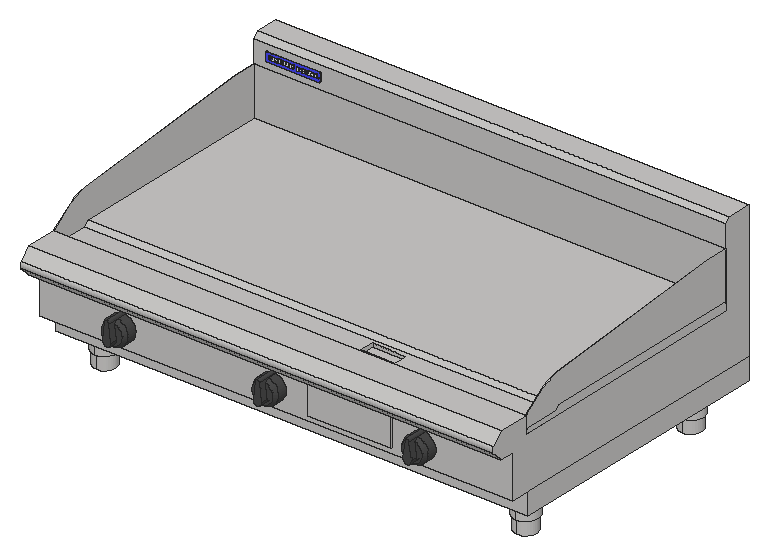
Revit family "QF_MOFFAT_BLUESEAL_CE_EP518-B", category Specialty Equipment, Revit 2012
Parameters
  Width [instance] = 1200 mm  # constant formula
  Weight in Pounds = 294  # constant formula
  Watts = 18000 W
  Volts = 400 V
  URL Cutsheet = "www.moffat.com"
  URL = "www.moffat.com"
  Type Mark [instance] = ""
  Status [instance] = ""
  Specification by User [instance] = ""
  Specification by Manufacturer = ""
  Show Logo [instance] = yes
  Serial Number = ""
  Seismic Rating = ""
  SMACNA No = ""
  Revision Code [instance] = ""
  Phase = 3
  Omniclass Number and Title = ""
  Number of Poles = 1
  NAFEM Spec ID Number = ""
  Model = "EP518-B"
  Min Ckt Ampacity = 0 A
  Max Overcurrent Protection = 0 A
  Masterspec = ""
  Manufacturer = "MOFFAT BLUESEAL"
  Item Number [instance] = ""
  Installed By [instance] = ""
  Identify Quantity as Lot [instance] = yes
  Height [instance] = 370 mm  # constant formula
  HP = ""
  Furnished By [instance] = ""
  Foodservice Equipment Identifier [instance] = yes
  FL Amps = 25 A
  Electrical Remarks [instance] = "25A PER PHASE"
  Elec Conn RI Height = 0 mm
  Elec Conn Connection Height = 0 mm
  Description = "1200MM ELECTRIC GRIDDLE PLATE BENCH MOUNT"
  Depth [instance] = 812 mm  # constant formula
  Cycle = 50 Hz
  Conn Plug = ""
  Conn Conduit = yes
  CSI MasterFormat = ""
  CSI Master Format = ""
  Base Height [instance] = 85 mm
  Apparent Power = if(Phase = 3, Volts * FL Amps * 1.73, Volts * FL Amps)  # 17300 VA
Reference planes
  plane 1 "BACK": y = 0
  plane 2: z = 0
  plane 3 "LEFT": x = 0
  plane 4 "RIGHT": x = 1200
  plane 5 "FRONT": y = -812
  plane 6 "TOP": z = 375
  plane 7 "Center Y": x = 600
  plane 8 "Center X": y = -406
  plane 9 "Base Height": z = 85
  plane 10: z = 485
  plane 11: y = -100
  plane 12: y = -625
  plane 13: x = 65.5
  plane 14: x = 1134.5
Forms (mm)
  Extrusion 1, solid, material "QF_Finishes_Stainless Steel"
    sketch origin (0, 0, 0) x (0, 1, 0) y (0, 0, 1)
      loop
        line (0, 140) -> (0, 485) -> (-57.5, 485) -> (-70, 472.5) -> (-70, 275) -> (-705, 275) -> (-705, 315) -> (-783.97, 315) -> (-808.485, 290.485)
        arc (-808.485, 290.485) -> (-811.999, 282) -> (-808.485, 273.515) r 12
        line (-808.485, 273.515) -> (-784.97, 250) -> (-749, 250) -> (-749, 140) -> (0, 140)
      loop
        line (0, 85) -> (0, 139) -> (-699, 139) -> (-699, 85) -> (0, 85)
    from 0 to 1200
  Revolve 2, solid, material "QF_Finishes_Stainless Steel"
    sketch origin (65.5, -210, 0) x (0, 1, 0) y (0, 0, 1)
      loop
        line (78.25, 85) -> (78.25, 35) -> (82.5, 35) -> (82.5, 0) -> (110, 0) -> (110, 85) -> (78.25, 85)
      axis (110, 85) -> (110, 0)
    angle from 0 to 360
  Extrusion 3, void
    sketch origin (0, -706, 134.206) x (0, 1, 0) y (-1, 0, 0)
      loop
        circle (674, -1070) r 13.5
    from 0 to -86.704
  Revolve 4, solid, material "QF_Finishes_Black"
    sketch origin (217.606, 7, -7.199) x (0, 1, 0) y (0, 0, -1)
      loop
        line (-789, -234.5) -> (-766, -234.5) -> (-766, -207) -> (-756, -207) -> (-756, -202) -> (-800, -202) -> (-800, -228.651) -> (-789, -234.5)
      axis (-800, -202) -> (-756, -202)
    angle from 0 to 360
  Extrusion 5, solid, material "QF_Finishes_Black"
    sketch origin (55.875, 0, -7.042) x (-1, 0, 0) y (0, 0, -1)
      loop
        line (-172.044, -191.036) -> (-166.624, -233.955)
        arc (-166.624, -233.955) -> (-161.625, -238.842) -> (-156.626, -233.955) r 5
        line (-156.626, -233.955) -> (-151.137, -189.869)
        arc (-151.137, -189.869) -> (-162.209, -179.37) -> (-172.044, -191.036) r 10.487
    from 759 to 808
  Revolve 6, solid, material "QF_Finishes_Stainless Steel"
    sketch origin (65.5, -728, 0) x (0, 1, 0) y (0, 0, 1)
      loop
        line (71.25, 85) -> (71.25, 35) -> (75.5, 35) -> (75.5, 0) -> (103, 0) -> (103, 85) -> (71.25, 85)
      axis (103, 85) -> (103, 0)
    angle from 0 to 360
  Extrusion 7, solid, material "QF_Finishes_Stainless Steel"
    sketch origin (0, -749, 266) x (0, 0, -1) y (1, 0, 0)
      loop
        line (25.201, 683) -> (112.1, 683) -> (112.1, 893) -> (25.201, 893) -> (25.201, 683)
    from 0 to 2.5
  Extrusion 8, solid, material "QF_Finishes_Stainless Steel"
    sketch origin (0, -751.5, 266) x (0, 0, -1) y (1, 0, 0)
      loop
        line (32.201, 893) -> (25.201, 893) -> (25.201, 683) -> (32.201, 683) -> (32.201, 893)
    from 0 to 5
  Extrusion 9, solid, material "QF_Finishes_Stainless Steel"
    sketch origin (0, -706, 134.206) x (0, 1, 0) y (-1, 0, 0)
      loop
        circle (673.862, -1069.75) r 6.35
    from 0 to -24.206
  Revolve 10, solid, material "QF_Finishes_Black"
    sketch origin (600, 7, -7.2) x (0, 1, 0) y (0, 0, -1)
      loop
        line (-789, -234.5) -> (-766, -234.5) -> (-766, -207) -> (-756, -207) -> (-756, -202) -> (-800, -202) -> (-800, -228.651) -> (-789, -234.5)
      axis (-800, -202) -> (-756, -202)
    angle from 0 to 360
  Extrusion 11, solid, material "QF_Finishes_Black"
    sketch origin (288.273, 0, -7.042) x (-1, 0, 0) y (0, 0, -1)
      loop
        line (-322.044, -191.036) -> (-316.624, -233.955)
        arc (-316.624, -233.955) -> (-311.625, -238.842) -> (-306.626, -233.955) r 5
        line (-306.626, -233.955) -> (-301.137, -189.869)
        arc (-301.137, -189.869) -> (-312.209, -179.37) -> (-322.044, -191.036) r 10.487
    from 759 to 808
  Revolve 12, solid, material "QF_Finishes_Stainless Steel"
    sketch origin (1134.5, -210, 0) x (0, 1, 0) y (0, 0, -1)
      loop
        line (78.25, -85) -> (110, -85) -> (110, 0) -> (82.5, 0) -> (82.5, -35) -> (78.25, -35) -> (78.25, -85)
      axis (110, -85) -> (110, 0)
    angle from 0 to 360
  Revolve 13, solid, material "QF_Finishes_Stainless Steel"
    sketch origin (1134.5, -728, 0) x (0, 1, 0) y (0, 0, -1)
      loop
        line (71.25, -85) -> (103, -85) -> (103, 0) -> (75.5, 0) -> (75.5, -35) -> (71.25, -35) -> (71.25, -85)
      axis (103, -85) -> (103, 0)
    angle from 0 to 360
  Revolve 14, solid, material "QF_Finishes_Black"
    sketch origin (980.116, 7, -7.2) x (0, 1, 0) y (0, 0, -1)
      loop
        line (-789, -234.5) -> (-766, -234.5) -> (-766, -207) -> (-756, -207) -> (-756, -202) -> (-800, -202) -> (-800, -228.651) -> (-789, -234.5)
      axis (-800, -202) -> (-756, -202)
    angle from 0 to 360
  Extrusion 15, solid, material "QF_Finishes_Black"
    sketch origin (668.389, 0, -7.042) x (-1, 0, 0) y (0, 0, -1)
      loop
        line (-322.044, -191.036) -> (-316.624, -233.955)
        arc (-316.624, -233.955) -> (-311.625, -238.842) -> (-306.626, -233.955) r 5
        line (-306.626, -233.955) -> (-301.137, -189.869)
        arc (-301.137, -189.869) -> (-312.209, -179.37) -> (-322.044, -191.036) r 10.487
    from 759 to 808
Cuts and joins
  joined: Revolve 4, Extrusion 5
  joined: Extrusion 7, Extrusion 8
  Extrusion 3 cuts Extrusion 1
Lines and regions (mm)
  Split face 1
    outline origin (1200, -749, 250) x (-1, 0, 0) y (0, 0, -1)
      loop
        circle (937.495, 45.2) r 7.15
  Split face 2
    outline origin (1200, -749, 250) x (-1, 0, 0) y (0, 0, -1)
      loop
        circle (937.495, 25.2) r 7.15
  Split face 3
    outline origin (495, -751.5, 153.9) x (1, 0, 0) y (0, 0, 1)
      loop
        arc (286, 77) -> (282, 73) -> (286, 69) r 4
        line (286, 69) -> (300, 69)
        arc (300, 69) -> (304, 73) -> (300, 77) r 4
        line (300, 77) -> (286, 77)
  Split face 4
    outline origin (1200, 0, 485) x (-1, 0, 0) y (0, -1, 0)
      loop
        arc (924, 45.385) -> (915.34, 40.385) -> (915.34, 30.385) r 10
        line (915.34, 30.385) -> (919.381, 23.385)
        arc (919.381, 23.385) -> (923.041, 19.725) -> (928.041, 18.385) r 10
        line (928.041, 18.385) -> (1156, 18.385)
        arc (1156, 18.385) -> (1164.66, 23.385) -> (1164.66, 33.385) r 10
        line (1164.66, 33.385) -> (1160.619, 40.385)
        arc (1160.619, 40.385) -> (1156.959, 44.045) -> (1151.959, 45.385) r 10
        line (1151.959, 45.385) -> (924, 45.385)
  Split face 5
    outline origin (1200, 0, 485) x (-1, 0, 0) y (0, -1, 0)
      loop
        arc (266, 18.385) -> (274.66, 23.385) -> (274.66, 33.385) r 10
        line (274.66, 33.385) -> (270.619, 40.385)
        arc (270.619, 40.385) -> (266.959, 44.045) -> (261.959, 45.385) r 10
        line (261.959, 45.385) -> (34, 45.385)
        arc (34, 45.385) -> (25.34, 40.385) -> (25.34, 30.385) r 10
        line (25.34, 30.385) -> (29.381, 23.385)
        arc (29.381, 23.385) -> (33.041, 19.725) -> (38.041, 18.385) r 10
        line (38.041, 18.385) -> (266, 18.385)
  Split face 6
    outline origin (1200, -749, 250) x (-1, 0, 0) y (0, 0, -1)
      loop
        circle (174.879, 45.2) r 7.15
  Split face 7
    outline origin (1200, -749, 250) x (-1, 0, 0) y (0, 0, -1)
      loop
        circle (174.879, 25.2) r 7.15
  Split face 8
    outline origin (1200, 0, 485) x (-1, 0, 0) y (0, -1, 0)
      loop
        line (636.021, 18.385) -> (863.979, 18.385)
        arc (863.979, 18.385) -> (872.64, 23.385) -> (872.64, 33.385) r 10
        line (872.64, 33.385) -> (868.598, 40.385)
        arc (868.598, 40.385) -> (864.938, 44.045) -> (859.938, 45.385) r 10
        line (859.938, 45.385) -> (631.979, 45.385)
        arc (631.979, 45.385) -> (623.319, 40.385) -> (623.319, 30.385) r 10
        line (623.319, 30.385) -> (627.36, 23.385)
        arc (627.36, 23.385) -> (631.021, 19.725) -> (636.021, 18.385) r 10
  Split face 9
    outline origin (1200, -749, 250) x (-1, 0, 0) y (0, 0, -1)
      loop
        circle (554.995, 25.2) r 7.15
  Split face 10
    outline origin (1200, -749, 250) x (-1, 0, 0) y (0, 0, -1)
      loop
        circle (554.995, 45.2) r 7.15
  Split face 11
    outline origin (1200, 0, 485) x (-1, 0, 0) y (0, -1, 0)
      loop
        arc (566, 18.385) -> (574.66, 23.385) -> (574.66, 33.385) r 10
        line (574.66, 33.385) -> (570.619, 40.385)
        arc (570.619, 40.385) -> (566.959, 44.045) -> (561.959, 45.385) r 10
        line (561.959, 45.385) -> (334, 45.385)
        arc (334, 45.385) -> (325.34, 40.385) -> (325.34, 30.385) r 10
        line (325.34, 30.385) -> (329.381, 23.385)
        arc (329.381, 23.385) -> (333.041, 19.725) -> (338.041, 18.385) r 10
        line (338.041, 18.385) -> (566, 18.385)
  symbolic lines
    curve 1: line (0, -812, 0) -> (1200, -812, 0)
    curve 2: line (0, 0, 0) -> (0, -812, 0)
    curve 3: line (1200, 0, 0) -> (0, 0, 0)
    curve 4: line (0, -70, 0) -> (1200, -70, 0)
    curve 5: line (1200, -712, 0) -> (0, -712, 0)
    curve 6: line (1200, -812, 0) -> (1200, 0, 0)
    curve 7: line (0, -57.5, 0) -> (1200, -57.5, 0)
    curve 8: line (276, -45.385, 0) -> (48.041, -45.385, 0)
    curve 9: arc (48.041, -45.385, 0) -> (43.041, -44.045, 0) -> (39.381, -40.385, 0) r 10
    curve 10: line (39.381, -40.385, 0) -> (35.34, -33.385, 0)
    curve 11: arc (35.34, -33.385, 0) -> (35.34, -23.385, 0) -> (44, -18.385, 0) r 10
    curve 12: line (44, -18.385, 0) -> (271.959, -18.385, 0)
    curve 13: arc (271.959, -18.385, 0) -> (276.959, -19.725, 0) -> (280.619, -23.385, 0) r 10
    curve 14: line (280.619, -23.385, 0) -> (284.66, -30.385, 0)
    curve 15: arc (284.66, -30.385, 0) -> (284.66, -40.385, 0) -> (276, -45.385, 0) r 10
    curve 16: line (568.021, -45.385, 0) -> (340.062, -45.385, 0)
    curve 17: arc (340.062, -45.385, 0) -> (335.062, -44.045, 0) -> (331.402, -40.385, 0) r 10
    curve 18: line (331.402, -40.385, 0) -> (327.36, -33.385, 0)
    curve 19: arc (327.36, -33.385, 0) -> (327.36, -23.385, 0) -> (336.021, -18.385, 0) r 10
    curve 20: line (336.021, -18.385, 0) -> (563.979, -18.385, 0)
    curve 21: arc (563.979, -18.385, 0) -> (568.979, -19.725, 0) -> (572.64, -23.385, 0) r 10
    curve 22: line (572.64, -23.385, 0) -> (576.681, -30.385, 0)
    curve 23: arc (576.681, -30.385, 0) -> (576.681, -40.385, 0) -> (568.021, -45.385, 0) r 10
    curve 24: line (866, -45.385, 0) -> (638.041, -45.385, 0)
    curve 25: arc (638.041, -45.385, 0) -> (633.041, -44.045, 0) -> (629.381, -40.385, 0) r 10
    curve 26: line (629.381, -40.385, 0) -> (625.34, -33.385, 0)
    curve 27: arc (625.34, -33.385, 0) -> (625.34, -23.385, 0) -> (634, -18.385, 0) r 10
    curve 28: line (634, -18.385, 0) -> (861.959, -18.385, 0)
    curve 29: arc (861.959, -18.385, 0) -> (866.959, -19.725, 0) -> (870.619, -23.385, 0) r 10
    curve 30: line (870.619, -23.385, 0) -> (874.66, -30.385, 0)
    curve 31: arc (874.66, -30.385, 0) -> (874.66, -40.385, 0) -> (866, -45.385, 0) r 10
    curve 32: line (0, -783.97, 0) -> (1200, -783.97, 0)
    curve 33: line (934, -18.385, 0) -> (1161.959, -18.385, 0)
    curve 34: arc (1161.959, -18.385, 0) -> (1166.959, -19.725, 0) -> (1170.619, -23.385, 0) r 10
    curve 35: line (1170.619, -23.385, 0) -> (1174.66, -30.385, 0)
    curve 36: arc (1174.66, -30.385, 0) -> (1174.66, -40.385, 0) -> (1166, -45.385, 0) r 10
    curve 37: line (1166, -45.385, 0) -> (938.041, -45.385, 0)
    curve 38: arc (938.041, -45.385, 0) -> (933.041, -44.045, 0) -> (929.381, -40.385, 0) r 10
    curve 39: line (929.381, -40.385, 0) -> (925.34, -33.385, 0)
    curve 40: arc (925.34, -33.385, 0) -> (925.34, -23.385, 0) -> (934, -18.385, 0) r 10
Dimensions and locks
  equal spacing: plane 3 "LEFT", plane 7 "Center Y", plane 4 "RIGHT"
  "Width": plane 3 "LEFT" to plane 4 "RIGHT"
  equal spacing: plane 5 "FRONT", plane 8 "Center X", plane 1 "BACK"
  "Depth": plane 5 "FRONT" to plane 1 "BACK"
  "Base Height": plane 9 "Base Height" to level
  locked: plane 6 "TOP" to plane 9 "Base Height" at 290
  plane 6 "TOP" to level = 375 mm
  plane 10 to plane 2 = 485 mm  (x2)
  aligned and locked: level to plane 2
  aligned and locked: Revolve 2 sketch curve to plane 9 "Base Height"
Automatic sketch dimensions
  curve 1 to plane 3 "LEFT" = 0 mm
  plane 1 "BACK" to curve 3 = 0 mm
  curve 3 to plane 4 "RIGHT" = 0 mm
  plane 5 "FRONT" to curve 1 = 0 mm
  curve 10 to plane 13 = 30.16 mm
  curve 10 to curve 10 = 4.041 mm
  curve 10 to curve 12 = 8.66 mm
  curve 10 to curve 8 = 8.66 mm
  plane 1 "BACK" to curve 13 = 18.385 mm
  plane 13 to curve 13 = 206.459 mm
  curve 13 to curve 15 = 4.041 mm
  plane 1 "BACK" to curve 14 = 23.385 mm
  curve 13 to curve 14 = 8.66 mm
  plane 1 "BACK" to curve 14 = 30.385 mm
  curve 13 to curve 14 = 4.041 mm
  curve 15 to curve 19 = 42.7 mm
  plane 1 "BACK" to curve 18 = 40.385 mm
  curve 18 to curve 18 = 4.041 mm
  curve 18 to curve 20 = 8.66 mm
  curve 19 to curve 17 = 4.041 mm
  plane 1 "BACK" to curve 21 = 18.385 mm
  curve 21 to plane 7 "Center Y" = 36.021 mm
  curve 21 to curve 23 = 4.041 mm
  plane 1 "BACK" to curve 22 = 23.385 mm
  curve 21 to curve 22 = 8.66 mm
  curve 21 to curve 22 = 4.041 mm
  plane 7 "Center Y" to curve 26 = 25.34 mm
  curve 26 to curve 25 = 4.041 mm
  curve 27 to curve 27 = 8.66 mm
  curve 27 to curve 25 = 4.041 mm
  plane 1 "BACK" to curve 29 = 18.385 mm
  curve 25 to curve 29 = 223.917 mm
  curve 29 to curve 24 = 4.041 mm
  plane 1 "BACK" to curve 30 = 23.385 mm
  curve 29 to curve 30 = 8.66 mm
  plane 1 "BACK" to curve 30 = 30.385 mm
  curve 30 to curve 30 = 4.041 mm
  curve 32 to plane 5 "FRONT" = 28.03 mm
  curve 32 to curve 5 = 71.97 mm
  plane 11 to curve 4 = 30 mm
  curve 4 to curve 7 = 12.5 mm
  curve 16 to curve 21 = 17 mm
  curve 31 to curve 30 = 15 mm
  curve 8 to curve 15 = 15 mm
  curve 8 to curve 10 = 5 mm
  curve 24 to curve 25 = 5 mm
  curve 23 to curve 21 = 7 mm
  curve 9 to curve 10 = 7 mm
  curve 26 to curve 26 = 7 mm
  curve 17 to curve 18 = 7 mm
  Extrusion 1 sketch curve to plane 9 "Base Height" = 0 mm
  Extrusion 1 sketch curve to plane 10 = 0 mm
  Extrusion 1 sketch curve to plane 1 "BACK" = 0 mm  (x2)
  plane 11 to Extrusion 1 sketch curve = 42.5 mm
  Extrusion 1 sketch curve to Extrusion 1 sketch curve = 12.5 mm
  Extrusion 1 sketch curve to plane 12 = 74 mm
  Extrusion 1 sketch curve to plane 12 = 80 mm
  Extrusion 1 sketch curve to Extrusion 1 sketch curve = 50 mm
  Extrusion 1 sketch curve to plane 5 "FRONT" = 28.03 mm
  Extrusion 1 sketch curve to plane 5 "FRONT" = 27.03 mm
  Extrusion 1 sketch curve to plane 5 "FRONT" = 12.001 mm
  Extrusion 1 sketch curve to plane 5 "FRONT" = 3.515 mm  (x2)
  plane 9 "Base Height" to Extrusion 1 sketch curve = 54 mm
  Extrusion 1 sketch curve to Extrusion 1 sketch curve = 1 mm
  Extrusion 1 sketch curve to Extrusion 1 sketch curve = 110 mm
  Extrusion 1 sketch curve to Extrusion 1 sketch curve = 23.515 mm
  Extrusion 1 sketch curve to plane 6 "TOP" = 100 mm
  Extrusion 1 sketch curve to Extrusion 1 sketch curve = 8.485 mm
  Extrusion 1 sketch curve to Extrusion 1 sketch curve = 40 mm
  Extrusion 1 sketch curve to plane 10 = 12.5 mm
  Revolve 2 sketch curve to level = 0 mm
  Revolve 2 sketch curve to plane 11 = 0 mm  (x2)
  Revolve 2 sketch curve to Revolve 2 sketch curve = 27.5 mm
  Revolve 2 sketch curve to Revolve 2 sketch curve = 31.75 mm
  Revolve 2 sketch curve to Revolve 2 sketch curve = 55 mm
  level to Revolve 2 sketch curve = 35 mm
  Revolve 2 sketch curve to plane 9 "Base Height" = 30 mm
  plane 1 "BACK" to Extrusion 3 sketch curve = 32 mm
  plane 14 to Extrusion 3 sketch curve = 64.5 mm
  Revolve 4 sketch curve to plane 5 "FRONT" = 19 mm
  Revolve 4 sketch curve to Revolve 4 sketch curve = 0 mm  (x2)
  Revolve 4 sketch curve to Revolve 4 sketch curve = 11 mm
  Revolve 4 sketch curve to Revolve 4 sketch curve = 12.7 mm
  Revolve 4 sketch curve to Revolve 4 sketch curve = 23 mm
  Revolve 4 sketch curve to Revolve 4 sketch curve = 10 mm
  plane 9 "Base Height" to Revolve 4 sketch curve = 142.301 mm
  Revolve 4 sketch curve to Revolve 4 sketch curve = 5.849 mm
  Revolve 4 sketch curve to Revolve 4 sketch curve = 27.5 mm
  Revolve 4 sketch curve to Revolve 4 sketch curve = 5 mm
  plane 13 to Extrusion 5 sketch curve = 162.419 mm
  Extrusion 5 sketch curve to Extrusion 5 sketch curve = 5.421 mm
  Extrusion 5 sketch curve to Extrusion 5 sketch curve = 10.419 mm
  Extrusion 5 sketch curve to Extrusion 5 sketch curve = 4.999 mm  (x2)
  plane 9 "Base Height" to Extrusion 5 sketch curve = 141.913 mm
  Extrusion 5 sketch curve to Extrusion 5 sketch curve = 10.487 mm
  Extrusion 5 sketch curve to Extrusion 5 sketch curve = 0.113 mm
  Extrusion 5 sketch curve to Extrusion 5 sketch curve = 42.919 mm
  Extrusion 5 sketch curve to Extrusion 5 sketch curve = 1.167 mm
  Revolve 6 sketch curve to plane 9 "Base Height" = 0 mm
  Revolve 6 sketch curve to level = 0 mm
  Revolve 6 sketch curve to plane 12 = 0 mm  (x2)
  Revolve 6 sketch curve to Revolve 6 sketch curve = 27.5 mm
  Revolve 6 sketch curve to Revolve 6 sketch curve = 31.75 mm
  Revolve 6 sketch curve to Revolve 6 sketch curve = 55 mm
  level to Revolve 6 sketch curve = 35 mm
  Revolve 6 sketch curve to Revolve 6 sketch curve = 30 mm
  Extrusion 7 sketch curve to plane 6 "TOP" = 134.201 mm
  plane 9 "Base Height" to Extrusion 7 sketch curve = 68.9 mm
  plane 7 "Center Y" to Extrusion 7 sketch curve = 83 mm
  Extrusion 7 sketch curve to Extrusion 7 sketch curve = 210 mm
  Extrusion 8 sketch curve to Extrusion 7 = 0 mm  (x2)
  Extrusion 7 to Extrusion 8 sketch curve = 0 mm
  Extrusion 8 sketch curve to Extrusion 8 sketch curve = 7 mm
  plane 1 "BACK" to Extrusion 9 sketch curve = 32.138 mm
  plane 14 to Extrusion 9 sketch curve = 64.75 mm
  cut or joined group of Extrusion 1, Extrusion 3 to Split face 1 sketch curve = 45.2 mm
  Split face 1 sketch curve to cut or joined group of Extrusion 1, Extrusion 3 = 262.505 mm
  cut or joined group of Extrusion 1, Extrusion 3 to Split face 2 sketch curve = 25.2 mm
  Split face 2 sketch curve to cut or joined group of Extrusion 1, Extrusion 3 = 262.505 mm
  cut or joined group of Extrusion 7, Extrusion 8 to Split face 3 sketch curve = 6.899 mm
  Split face 3 sketch curve to cut or joined group of Extrusion 7, Extrusion 8 = 98 mm
  Split face 3 sketch curve to Split face 3 sketch curve = 14 mm
  Split face 3 sketch curve to Split face 3 sketch curve = 4 mm
  Split face 4 sketch curve to cut or joined group of Extrusion 1, Extrusion 3 = 27.115 mm
  Split face 4 sketch curve to cut or joined group of Extrusion 1, Extrusion 3 = 284.66 mm
  Split face 4 sketch curve to cut or joined group of Extrusion 1, Extrusion 3 = 23.385 mm
  Split face 4 sketch curve to Split face 4 sketch curve = 4.041 mm  (x4)
  Split face 4 sketch curve to Split face 4 sketch curve = 8.66 mm  (x2)
  Split face 4 sketch curve to cut or joined group of Extrusion 1, Extrusion 3 = 22.115 mm
  Split face 4 sketch curve to cut or joined group of Extrusion 1, Extrusion 3 = 48.041 mm
  Split face 4 sketch curve to cut or joined group of Extrusion 1, Extrusion 3 = 17.115 mm
  Split face 4 sketch curve to Split face 4 sketch curve = 17 mm
  Split face 4 sketch curve to Split face 4 sketch curve = 7 mm
  Split face 5 sketch curve to cut or joined group of Extrusion 1, Extrusion 3 = 25.34 mm
  Split face 5 sketch curve to Split face 5 sketch curve = 4.041 mm  (x4)
  Split face 5 sketch curve to Split face 5 sketch curve = 8.66 mm  (x2)
  Split face 5 sketch curve to cut or joined group of Extrusion 1, Extrusion 3 = 12.115 mm
  Split face 5 sketch curve to Split face 5 sketch curve = 223.917 mm
  Split face 5 sketch curve to Split face 5 sketch curve = 5 mm
  Split face 5 sketch curve to Split face 5 sketch curve = 10 mm
  Split face 5 sketch curve to Split face 5 sketch curve = 7 mm  (x3)
  Revolve 10 sketch curve to plane 5 "FRONT" = 19 mm
  Revolve 10 sketch curve to Revolve 10 sketch curve = 0 mm  (x2)
  Revolve 10 sketch curve to Revolve 10 sketch curve = 11 mm
  Revolve 10 sketch curve to Revolve 10 sketch curve = 12.7 mm
  Revolve 10 sketch curve to Revolve 10 sketch curve = 23 mm
  Revolve 10 sketch curve to Revolve 10 sketch curve = 10 mm
  plane 9 "Base Height" to Revolve 10 sketch curve = 142.3 mm
  Revolve 10 sketch curve to Revolve 10 sketch curve = 5.849 mm
  Revolve 10 sketch curve to Revolve 10 sketch curve = 27.5 mm
  Revolve 10 sketch curve to Revolve 10 sketch curve = 5 mm
  plane 7 "Center Y" to Extrusion 11 sketch curve = 10.317 mm
  plane 7 "Center Y" to Extrusion 11 sketch curve = 4.896 mm
  Extrusion 11 sketch curve to plane 7 "Center Y" = 0.102 mm  (x2)
  Extrusion 11 sketch curve to Extrusion 11 sketch curve = 4.999 mm
  Extrusion 11 sketch curve to Extrusion 11 sketch curve = 10.487 mm
  plane 9 "Base Height" to Extrusion 11 sketch curve = 141.913 mm
  Extrusion 11 sketch curve to Extrusion 11 sketch curve = 0.113 mm
  Extrusion 11 sketch curve to Extrusion 11 sketch curve = 42.919 mm
  Extrusion 11 sketch curve to Extrusion 11 sketch curve = 1.167 mm
  cut or joined group of Extrusion 1, Extrusion 3 to Split face 6 sketch curve = 45.2 mm
  Split face 6 sketch curve to cut or joined group of Extrusion 1, Extrusion 3 = 174.879 mm
  cut or joined group of Extrusion 1, Extrusion 3 to Split face 7 sketch curve = 25.2 mm
  Split face 7 sketch curve to cut or joined group of Extrusion 1, Extrusion 3 = 174.879 mm
  Split face 8 sketch curve to cut or joined group of Extrusion 1, Extrusion 3 = 27.115 mm
  Split face 8 sketch curve to cut or joined group of Extrusion 1, Extrusion 3 = 576.681 mm
  Split face 8 sketch curve to cut or joined group of Extrusion 1, Extrusion 3 = 23.385 mm
  Split face 8 sketch curve to Split face 8 sketch curve = 4.041 mm  (x3)
  Split face 8 sketch curve to Split face 8 sketch curve = 8.66 mm  (x3)
  Split face 8 sketch curve to cut or joined group of Extrusion 1, Extrusion 3 = 12.115 mm
  Split face 8 sketch curve to Split face 8 sketch curve = 223.917 mm
  Split face 8 sketch curve to cut or joined group of Extrusion 1, Extrusion 3 = 18.385 mm
  Split face 8 sketch curve to Split face 8 sketch curve = 10 mm
  Split face 8 sketch curve to Split face 8 sketch curve = 7 mm
  Revolve 12 sketch curve to plane 9 "Base Height" = 0 mm
  Revolve 12 sketch curve to level = 0 mm
  Revolve 12 sketch curve to plane 11 = 0 mm  (x2)
  Revolve 12 sketch curve to Revolve 12 sketch curve = 27.5 mm
  Revolve 12 sketch curve to Revolve 12 sketch curve = 31.75 mm
  Revolve 12 sketch curve to plane 9 "Base Height" = 30 mm
  Revolve 12 sketch curve to Revolve 12 sketch curve = 20 mm
  Revolve 12 sketch curve to level = 55 mm
  Revolve 13 sketch curve to plane 9 "Base Height" = 0 mm
  Revolve 13 sketch curve to level = 0 mm
  Revolve 13 sketch curve to plane 12 = 0 mm  (x2)
  Revolve 13 sketch curve to Revolve 13 sketch curve = 27.5 mm
  Revolve 13 sketch curve to Revolve 13 sketch curve = 31.75 mm
  Revolve 13 sketch curve to Revolve 13 sketch curve = 30 mm
  Revolve 13 sketch curve to Revolve 13 sketch curve = 20 mm
  Revolve 13 sketch curve to level = 55 mm
  Revolve 14 sketch curve to plane 5 "FRONT" = 19 mm
  Revolve 14 sketch curve to Revolve 14 sketch curve = 0 mm  (x2)
  Revolve 14 sketch curve to Revolve 14 sketch curve = 11 mm
  Revolve 14 sketch curve to Revolve 14 sketch curve = 12.7 mm
  Revolve 14 sketch curve to Revolve 14 sketch curve = 23 mm
  Revolve 14 sketch curve to Revolve 14 sketch curve = 10 mm
  plane 9 "Base Height" to Revolve 14 sketch curve = 142.3 mm
  Revolve 14 sketch curve to Revolve 14 sketch curve = 5.849 mm
  Revolve 14 sketch curve to Revolve 14 sketch curve = 27.5 mm
  Revolve 14 sketch curve to Revolve 14 sketch curve = 5 mm
  plane 14 to Extrusion 15 sketch curve = 144.067 mm
  Extrusion 15 sketch curve to Extrusion 15 sketch curve = 5.421 mm
  Extrusion 15 sketch curve to Extrusion 15 sketch curve = 10.419 mm
  Extrusion 15 sketch curve to Extrusion 15 sketch curve = 4.999 mm  (x2)
  plane 9 "Base Height" to Extrusion 15 sketch curve = 141.913 mm
  Extrusion 15 sketch curve to Extrusion 15 sketch curve = 10.487 mm
  Extrusion 15 sketch curve to Extrusion 15 sketch curve = 0.113 mm
  Extrusion 15 sketch curve to Extrusion 15 sketch curve = 42.919 mm
  Extrusion 15 sketch curve to Extrusion 15 sketch curve = 1.167 mm
  Split face 11 sketch curve to cut or joined group of Extrusion 1, Extrusion 3 = 27.115 mm
  Split face 11 sketch curve to cut or joined group of Extrusion 1, Extrusion 3 = 325.34 mm
  Split face 11 sketch curve to Split face 11 sketch curve = 4.041 mm  (x4)
  Split face 11 sketch curve to Split face 11 sketch curve = 8.66 mm  (x2)
  Split face 11 sketch curve to cut or joined group of Extrusion 1, Extrusion 3 = 12.115 mm
  Split face 11 sketch curve to Split face 11 sketch curve = 223.917 mm
  Split face 11 sketch curve to Split face 11 sketch curve = 7 mm  (x3)
  Split face 11 sketch curve to Split face 11 sketch curve = 17 mm
  plane 1 "BACK" to curve 39 = 33.385 mm
  curve 30 to curve 39 = 50.679 mm
  plane 1 "BACK" to curve 39 = 40.385 mm
  curve 40 to curve 39 = 4.041 mm
  curve 39 to curve 40 = 8.66 mm
  curve 40 to curve 38 = 4.041 mm
  curve 34 to plane 14 = 27.459 mm
  curve 34 to curve 37 = 4.041 mm
  plane 1 "BACK" to curve 35 = 23.385 mm
  curve 33 to curve 35 = 8.66 mm
  curve 34 to curve 35 = 4.041 mm
  curve 37 to curve 34 = 22 mm
  curve 37 to curve 36 = 10 mm
  curve 38 to curve 40 = 7 mm
  radius of Extrusion 3 sketch curve = 13.5 mm
  radius of Extrusion 9 sketch curve = 6.35 mm
  radius of Split face 1 sketch curve = 7.15 mm
  radius of Split face 2 sketch curve = 7.15 mm
  radius of Split face 6 sketch curve = 7.15 mm
  radius of Split face 7 sketch curve = 7.15 mm
Nested families
  nested 1: "WALDORF LOGO_FACE BASE" at (32, -70, 456.885) x (1, 0, 0) z (0, -1, 0), visible <- "Show Logo", type "WALDORF LOGO_FACE BASE", detail levels medium+fine
    with Show Logo yes
  nested 2: "ELECTRIC GRIDDLE PLATE" at (0, -70.003, 274.5), type "ELECTRIC GRIDDLE PLATE"
    with Type Mark "", Status "", Specification by User "", Revision Code "", Item Number "", Installed By "", Identify Quantity as Lot yes, Furnished By "", Foodservice Equipment Identifier yes
Connectors
  electrical at (1069.75, -32.138, 110), driven by "Volts", driven by "Watts"
    settings: on Extrusion 9, index 1, voltage 400 V, apparent load 18000 VA, apparent load phase1 0 VA, apparent load phase2 0 VA, apparent load phase3 0 VA, power factor 1, load classification "Other", number of poles 1, system type 30, power factor state 1, is connector primary yes, connector utility no, sub classification motor no, connector description "ELECTRICAL CONNECTION"
Definition of nested family "WALDORF LOGO_FACE BASE"
  Parameters (values of type "WALDORF LOGO_FACE BASE")
    Show Logo [instance] = yes
    Default Elevation = 1219.2 mm
  Reference planes
    plane 1 "Center (Front/Back)": y = 0
    plane 2: z = 0
    plane 3 "Center (Left/Right)": x = 0
  Forms (mm)
    Extrusion 1, solid
      sketch origin (0, 0, 0) x (1, 0, 0) y (0, 1, 0)
        loop
          line (-1219.2, 1219.2) -> (-1219.2, -1219.2) -> (1219.2, -1219.2) -> (1219.2, 1219.2) -> (-1219.2, 1219.2)
      from 0 to -304.8
    Extrusion 2, solid, material "QF_Finishes_Blue", visible <- "Show Logo"
      sketch origin (0, -33.217, 0) x (1, 0, 0) y (0, 1, 0)
        loop
          arc (138, 31.942) -> (137.626, 32.844) -> (136.724, 33.217) r 1.276
          line (136.724, 33.217) -> (1.29, 33.217)
          arc (1.29, 33.217) -> (0.378, 32.839) -> (0, 31.927) r 1.29
          line (0, 31.927) -> (0, 11.507)
          arc (0, 11.507) -> (0.378, 10.595) -> (1.29, 10.217) r 1.29
          line (1.29, 10.217) -> (136.71, 10.217)
          arc (136.71, 10.217) -> (137.622, 10.595) -> (138, 11.507) r 1.29
          line (138, 11.507) -> (138, 31.942)
      from 0 to 1.588
    Extrusion 3, solid, material "QF_Finishes_White", visible <- "Show Logo"
      sketch origin (0, -33.217, 1.588) x (1, 0, 0) y (0, 1, 0)
        loop
          arc (108.946, 25.919) -> (107.613, 25.367) -> (107.061, 24.034) r 1.885
          line (107.061, 24.034) -> (107.061, 17.211) -> (112.704, 17.211) -> (112.704, 19.129) -> (115.546, 19.129) -> (115.546, 17.211) -> (121.584, 17.211) -> (121.584, 24.075)
          arc (121.584, 24.075) -> (121.043, 25.379) -> (119.739, 25.919) r 1.845
          line (119.739, 25.919) -> (108.946, 25.919)
        loop
          line (123.478, 25.919) -> (123.478, 17.163) -> (134.904, 17.163) -> (134.904, 19.129) -> (129.246, 19.129) -> (129.246, 25.919) -> (123.478, 25.919)
        loop
          line (112.704, 21.258) -> (115.546, 21.258) -> (115.546, 22.702)
          arc (115.546, 22.702) -> (115.344, 23.188) -> (114.858, 23.389) r 0.687
          line (114.858, 23.389) -> (113.363, 23.389)
          arc (113.363, 23.389) -> (112.897, 23.196) -> (112.704, 22.73) r 0.658
          line (112.704, 22.73) -> (112.704, 21.258)
        loop
          line (105.071, 25.919) -> (93.771, 25.919) -> (93.771, 17.163) -> (105.071, 17.163) -> (105.071, 19.063) -> (99.535, 19.063) -> (99.535, 20.437) -> (105.071, 20.437) -> (105.071, 22.278) -> (99.535, 22.278) -> (99.535, 23.587) -> (105.071, 23.587) -> (105.071, 25.919)
        loop
          line (91.104, 25.919) -> (79.541, 25.919)
          arc (79.541, 25.919) -> (78.558, 25.513) -> (78.152, 24.53) r 1.389
          line (78.152, 24.53) -> (78.152, 22.08)
          arc (78.152, 22.08) -> (78.558, 21.098) -> (79.541, 20.691) r 1.389
          line (79.541, 20.691) -> (86.346, 20.691) -> (86.346, 18.864) -> (83.266, 18.864) -> (83.266, 19.664) -> (78.152, 19.664) -> (78.152, 18.553)
          arc (78.152, 18.553) -> (78.558, 17.57) -> (79.541, 17.163) r 1.389
          line (79.541, 17.163) -> (91.063, 17.163)
          arc (91.063, 17.163) -> (92.045, 17.57) -> (92.452, 18.553) r 1.389
          line (92.452, 18.553) -> (92.452, 20.691)
          arc (92.452, 20.691) -> (92.045, 21.673) -> (91.063, 22.08) r 1.389
          line (91.063, 22.08) -> (83.266, 22.08) -> (83.266, 23.984) -> (86.346, 23.984) -> (86.346, 22.743) -> (92.452, 22.743) -> (92.452, 24.571)
          arc (92.452, 24.571) -> (92.057, 25.524) -> (91.104, 25.919) r 1.348
        loop
          line (70.705, 25.919) -> (59.405, 25.919) -> (59.405, 17.163) -> (70.705, 17.163) -> (70.705, 19.063) -> (65.169, 19.063) -> (65.169, 20.437) -> (70.705, 20.437) -> (70.705, 22.278) -> (65.169, 22.278) -> (65.169, 23.587) -> (70.705, 23.587) -> (70.705, 25.919)
        loop
          line (57.598, 25.919) -> (51.7, 25.919) -> (51.7, 20.18)
          arc (51.7, 20.18) -> (50.63, 19.11) -> (49.56, 20.18) r 1.07
          line (49.56, 20.18) -> (49.56, 25.919) -> (43.663, 25.919) -> (43.663, 19.049)
          arc (43.663, 19.049) -> (44.215, 17.716) -> (45.548, 17.163) r 1.885
          line (45.548, 17.163) -> (55.71, 17.163)
          arc (55.71, 17.163) -> (57.045, 17.716) -> (57.598, 19.051) r 1.887
          line (57.598, 19.051) -> (57.598, 25.919)
        loop
          line (31.62, 25.919) -> (31.62, 17.163) -> (43.046, 17.163) -> (43.046, 19.129) -> (37.388, 19.129) -> (37.388, 25.919) -> (31.62, 25.919)
        loop
          line (15.969, 25.919) -> (15.969, 17.163) -> (28.693, 17.163)
          arc (28.693, 17.163) -> (29.812, 17.627) -> (30.276, 18.746) r 1.582
          line (30.276, 18.746) -> (30.276, 20.447) -> (29.48, 21.243) -> (30.276, 22.039) -> (30.276, 24.332)
          arc (30.276, 24.332) -> (29.811, 25.454) -> (28.688, 25.919) r 1.587
          line (28.688, 25.919) -> (15.969, 25.919)
        loop
          line (21.449, 24.159) -> (21.449, 22.436) -> (23.862, 22.436)
          arc (23.862, 22.436) -> (24.723, 23.298) -> (23.862, 24.159) r 0.861
          line (23.862, 24.159) -> (21.449, 24.159)
        loop
          line (21.449, 20.244) -> (21.449, 18.522) -> (23.862, 18.522)
          arc (23.862, 18.522) -> (24.723, 19.383) -> (23.862, 20.244) r 0.861
          line (23.862, 20.244) -> (21.449, 20.244)
      from 0 to 0.2
    Extrusion 4, solid, material "QF_Finishes_Blue", visible <- "Show Logo"
      sketch origin (-126.498, -31.09, 1.588) x (1, 0, 0) y (0, 1, 0)
        loop
          line (136.738, 23.522) -> (136.738, 15.1)
          arc (136.738, 15.1) -> (140.756, 19.311) -> (136.738, 23.522) r 4.216
      from 0 to 0.2
    Extrusion 5, solid, material "QF_Finishes_Red", visible <- "Show Logo"
      sketch origin (146.849, -31.09, 1.588) x (-1, 0, 0) y (0, -1, 0)
        loop
          arc (136.738, -23.522) -> (140.756, -19.311) -> (136.738, -15.1) r 4.216
          line (136.738, -15.1) -> (136.738, -23.522)
      from 0 to 0.2
  Lines and regions (mm)
    Split face 1
      outline origin (-90.35, -30.793, 1.588) x (1, 0, 0) y (0, 1, 0)
        loop
          circle (100.54, 19.013) r 4.536
  Dimensions and locks
    aligned and locked: plane 2 to Extrusion 1
    aligned and locked: level to Extrusion 1
Definition of nested family "ELECTRIC GRIDDLE PLATE"
  Parameters (values of type "ELECTRIC GRIDDLE PLATE")
    Weight in Pounds = 0
    URL Cutsheet = ""
    Type Mark [instance] = ""
    Status [instance] = ""
    Specification by User [instance] = ""
    Specification by Manufacturer = ""
    Serial Number = ""
    Seismic Rating = ""
    SMACNA No = ""
    Revision Code [instance] = ""
    Omniclass Number and Title = ""
    NAFEM Spec ID Number = ""
    Masterspec = ""
    Item Number [instance] = ""
    Installed By [instance] = ""
    Identify Quantity as Lot [instance] = yes
    Furnished By [instance] = ""
    Foodservice Equipment Identifier [instance] = yes
    CSI MasterFormat = ""
    CSI Master Format = ""
  Reference planes
    plane 1 "BACK": y = 0
    plane 2: z = 0
    plane 3 "LEFT": x = 0
    plane 4 "RIGHT": x = 1200
    plane 5 "FRONT": y = -635
    plane 6 "TOP": z = 142.5
    plane 7 "Center Y": x = 600
    plane 8 "Center X": y = -317.5
  Forms (mm)
    Extrusion 1, solid, material "QF_Finishes_Stainless Steel"
      sketch origin (0, 70.003, -874.5) x (0, 1, 0) y (0, 0, 1)
        loop
          line (-70, 875) -> (-70, 1017) -> (-127.048, 1017) -> (-605.133, 971.023)
          arc (-605.133, 971.023) -> (-630.16, 965.303) -> (-652.906, 953.399) r 100
          line (-652.906, 953.399) -> (-705.003, 916.5) -> (-705.003, 875) -> (-70, 875)
      from 0 to 1.8
    Extrusion 2, solid, material "QF_Finishes_Stainless Steel"
      sketch origin (1200, 0, 0) x (0, -1, 0) y (0, 0, 1)
        loop
          line (57.045, 142.5) -> (-0.003, 142.5) -> (-0.003, 0.5) -> (635, 0.5) -> (635, 42) -> (582.903, 78.899)
          arc (582.903, 78.899) -> (560.157, 90.803) -> (535.13, 96.523) r 100
          line (535.13, 96.523) -> (57.045, 142.5)
      from 0 to 1.8
    Extrusion 3, solid, material "QF_Finishes_Stainless Steel"
      sketch origin (150, 70.003, -874.5) x (0, 1, 0) y (0, 0, 1)
        loop
          line (-70, 895) -> (-601, 895) -> (-611.5, 884.5) -> (-704.403, 884.5) -> (-704.403, 875) -> (-70, 875) -> (-70, 895)
      from -148.2 to 1050
    Extrusion 4, void
      sketch origin (150, -541.497, 10) x (0, -1, 0) y (1, 0, 0)
        loop
          line (10.6, 681.25) -> (10.6, 592.75) -> (49.1, 592.75) -> (49.1, 681.25) -> (10.6, 681.25)
      from -41.4 to 40.142
    Extrusion 5, solid, material "QF_Finishes_Stainless Steel"
      sketch origin (150, 0.003, 211.574) x (0, 0, -1) y (1, 0, 0)
        loop
          line (69.074, -148.2) -> (191.074, -148.2) -> (191.074, 1050) -> (69.074, 1050) -> (69.074, -148.2)
      from 0 to 1.683
  Cuts and joins
    Extrusion 4 cuts Extrusion 3
  Lines and regions (mm)
    symbolic lines
      curve 1: line (1200, -530.997, 0) -> (0, -530.997, 0)
      curve 2: line (0, -541.497, 0) -> (1200, -541.497, 0)
      curve 3: line (742.75, -552.097, 0) -> (742.75, -590.597, 0)
      curve 4: line (742.75, -590.597, 0) -> (831.25, -590.597, 0)
      curve 5: line (831.25, -590.597, 0) -> (831.25, -552.097, 0)
      curve 6: line (831.25, -552.097, 0) -> (742.75, -552.097, 0)
      curve 7: line (0, 0, 0) -> (1200, 0, 0)
      curve 8: line (0, -635, 0) -> (0, 0, 0)
      curve 9: line (0, -635, 0) -> (1200, -635, 0)
      curve 10: line (1200, -635, 0) -> (1200, 0, 0)
  Dimensions and locks
    equal spacing: plane 3 "LEFT", plane 7 "Center Y", plane 4 "RIGHT"
    plane 3 "LEFT" to plane 4 "RIGHT" = 1200 mm
    equal spacing: plane 5 "FRONT", plane 8 "Center X", plane 1 "BACK"
    plane 5 "FRONT" to plane 1 "BACK" = 635 mm
    aligned and locked: level to plane 2
    aligned and locked: cut or joined group of Extrusion 3, Extrusion 4 to plane 4 "RIGHT"
    aligned and locked: Extrusion 5 to plane 4 "RIGHT"
  Automatic sketch dimensions
    plane 3 "LEFT" to curve 9 = 0 mm
    plane 7 "Center Y" to curve 4 = 142.75 mm
    plane 7 "Center Y" to curve 5 = 231.25 mm
    curve 3 to plane 5 "FRONT" = 44.403 mm
    curve 3 to curve 3 = 38.5 mm
    curve 2 to plane 5 "FRONT" = 93.503 mm
    curve 2 to curve 1 = 10.5 mm
    plane 1 "BACK" to curve 8 = 0 mm
    Extrusion 1 sketch curve to plane 5 "FRONT" = 0 mm
    Extrusion 1 sketch curve to plane 6 "TOP" = 0 mm
    Extrusion 1 sketch curve to plane 5 "FRONT" = 52.097 mm
    Extrusion 1 sketch curve to plane 6 "TOP" = 45.977 mm
    Extrusion 1 sketch curve to Extrusion 1 sketch curve = 47.773 mm
    Extrusion 1 sketch curve to level = 3.016 mm
    Extrusion 1 sketch curve to Extrusion 1 sketch curve = 9.585 mm
    plane 1 "BACK" to Extrusion 1 sketch curve = 57.045 mm
    Extrusion 1 sketch curve to plane 1 "BACK" = 0.003 mm
    level to Extrusion 1 sketch curve = 0.5 mm
    Extrusion 1 sketch curve to Extrusion 1 sketch curve = 41.5 mm
    Extrusion 3 sketch curve to plane 5 "FRONT" = 0.6 mm
    level to Extrusion 3 sketch curve = 10 mm
    Extrusion 3 sketch curve to Extrusion 3 sketch curve = 92.903 mm
    Extrusion 3 sketch curve to Extrusion 3 sketch curve = 10.5 mm  (x2)
    Extrusion 3 sketch curve to plane 1 "BACK" = 0.003 mm
    level to Extrusion 3 sketch curve = 0.5 mm
    Extrusion 3 to Extrusion 4 sketch curve = 10.6 mm
    Extrusion 4 sketch curve to Extrusion 4 sketch curve = 38.5 mm
    Extrusion 3 to Extrusion 4 sketch curve = 457.25 mm
    Extrusion 4 sketch curve to Extrusion 4 sketch curve = 88.5 mm
    Extrusion 5 sketch curve to plane 6 "TOP" = 0 mm
    level to Extrusion 5 sketch curve = 20.5 mm
    plane 3 "LEFT" to Extrusion 5 sketch curve = 1.8 mm
    plane 7 "Center Y" to Extrusion 5 sketch curve = 600 mm
    plane 5 "FRONT" to curve 9 = 0 mm
    Extrusion 2 sketch curve to plane 6 "TOP" = 0 mm
    Extrusion 2 sketch curve to plane 5 "FRONT" = 0 mm
    Extrusion 2 sketch curve to plane 5 "FRONT" = 52.097 mm
    Extrusion 2 sketch curve to Extrusion 2 sketch curve = 47.773 mm
    Extrusion 2 sketch curve to level = 3.016 mm
    Extrusion 2 sketch curve to Extrusion 2 sketch curve = 57.358 mm
    plane 1 "BACK" to Extrusion 2 sketch curve = 57.045 mm
    Extrusion 2 sketch curve to plane 1 "BACK" = 0.003 mm
    level to Extrusion 2 sketch curve = 0.5 mm
    Extrusion 2 sketch curve to Extrusion 2 sketch curve = 41.5 mm
    Extrusion 2 sketch curve to plane 6 "TOP" = 63.601 mm
    curve 10 to plane 4 "RIGHT" = 0 mm
